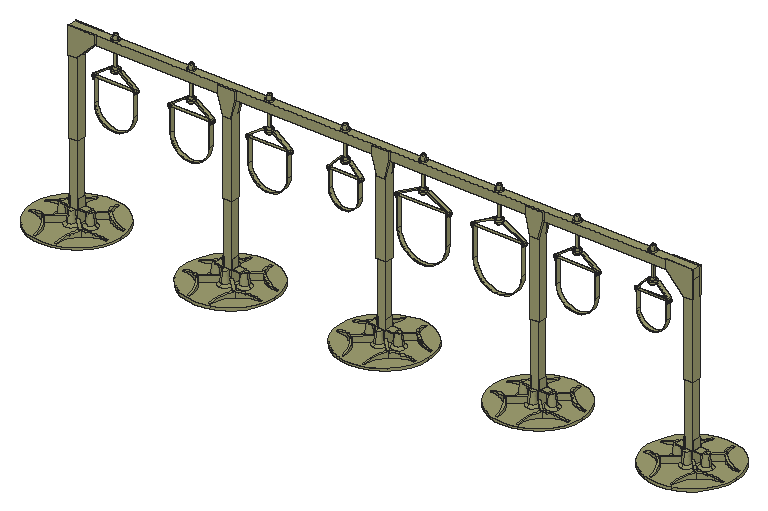
Revit family "Roof_PipeHangers_Custom-4Section", category Generic Models, Revit 2013 (continued)
Definition of nested family "Support_ClevisHanger"
  Parameters
    Engineering Data = "http://www.phpsd.com/engineering_tables.htm"
    Drawn By = "Robert S. Weygant, CSI, CDT, SCIP"
    Description = "Rooftop Equipment as Specified in 21 05 29"
    Default Elevation = 1219.2 mm
    Copyright = "2010, ARCAT, Inc"
    Construction Details = "http://www.arcat.com/details/portpipe/portpipe.html?coid=38679"
    Assembly Code = "D3090700"
  Reference planes
    plane 1 "Center (Front/Back)": y = 0
    plane 2 "Bottom": z = 0
    plane 3 "Center (Left/Right)": x = 0
    plane 4: z = -156.275
    plane 5: x = -92.075
    plane 6: x = 92.075
    plane 7: z = -266.765
  Forms (mm)
    Extrusion 1, solid, material <- "Material"
      sketch origin (0, 0, 0) x (1, 0, 0) y (0, 0, 1)
        loop
          line (-100.68, -145.542) -> (-100.68, -166.607) -> (-95.945, -166.607) -> (-95.945, -147.907) -> (-26.673, -94.712) -> (26.673, -94.712) -> (95.945, -147.907) -> (95.945, -166.607) -> (100.68, -166.607) -> (100.68, -145.542) -> (28.396, -89.976) -> (-28.396, -89.976) -> (-100.68, -145.542)
      from 9.525 to -9.525
    Extrusion 2, solid, material <- "Material"
      sketch origin (0, 0, 0) x (1, 0, 0) y (0, 0, 1)
        loop
          line (-92.075, -149.117) -> (-95.089, -149.117) -> (-95.089, -266.765)
          arc (-95.089, -266.765) -> (0, -361.853) -> (95.089, -266.765) r 95.089
          line (95.089, -266.765) -> (95.089, -149.117) -> (92.075, -149.117) -> (92.075, -266.765)
          arc (92.075, -266.765) -> (0, -358.84) -> (-92.075, -266.765) r 92.075
          line (-92.075, -266.765) -> (-92.075, -149.117)
      from 9.525 to -9.525
    Revolve 3, solid, material <- "Material"
      sketch origin (0, 0, -138.624) x (1, 0, 0) y (0, 0, 1)
        loop
          line (6.35, 48.647) -> (19.265, 48.647) -> (19.265, 51.876) -> (9.579, 51.876) -> (9.579, 61.778) -> (6.35, 61.778) -> (6.35, 187.271) -> (19.265, 187.271) -> (19.265, 190.5) -> (9.579, 190.5) -> (9.579, 209.873) -> (6.35, 209.873) -> (6.35, 215.469) -> (0, 215.469) -> (0, 30.781) -> (9.579, 30.781) -> (9.579, 40.683) -> (19.265, 40.683) -> (19.265, 43.912) -> (6.35, 43.912) -> (6.35, 48.647)
        axis (0, 30.781) -> (0, 215.469)
      angle from 0 to 360
    Revolve 4, solid, material <- "Material"
      sketch origin (0, 0, -138.624) x (1, 0, 0) y (0, 0, 1)
        loop
          line (100.895, -22.413) -> (100.895, -24.795) -> (108.214, -24.795) -> (108.214, -22.413) -> (109.936, -22.413) -> (109.936, -17.651) -> (-109.936, -17.651) -> (-109.936, -22.413) -> (-108.214, -22.413) -> (-108.214, -24.795) -> (-100.895, -24.795) -> (-100.895, -22.413) -> (100.895, -22.413)
        axis (-109.936, -17.651) -> (109.936, -17.651)
      angle from 0 to 360
  Dimensions and locks
    equal spacing: plane 5, plane 3 "Center (Left/Right)", plane 6
    "Unit Width": plane 5 to plane 6
    "ht": plane 4 to plane 7
    aligned and locked: plane 7 to Extrusion 2 sketch curve  (x2)
  Automatic sketch dimensions
    plane 5 to Extrusion 1 sketch curve = 3.87 mm
    plane 6 to Extrusion 1 sketch curve = 3.87 mm
    plane 5 to Extrusion 1 sketch curve = 8.605 mm
    Extrusion 1 sketch curve to plane 3 "Center (Left/Right)" = 28.396 mm
    Extrusion 1 sketch curve to Extrusion 1 sketch curve = 1.722 mm  (x2)
    plane 3 "Center (Left/Right)" to Extrusion 1 sketch curve = 26.673 mm
    plane 6 to Extrusion 1 sketch curve = 8.605 mm
    Extrusion 1 sketch curve to plane 4 = 10.332 mm  (x2)
    plane 4 to Extrusion 1 sketch curve = 8.368 mm  (x2)
    Extrusion 1 sketch curve to Extrusion 1 sketch curve = 2.364 mm  (x2)
    plane 4 to Extrusion 1 sketch curve = 61.563 mm
    Extrusion 1 sketch curve to Extrusion 1 sketch curve = 4.736 mm
    Extrusion 2 sketch curve to Extrusion 2 sketch curve = 0 mm
    Extrusion 2 sketch curve to plane 3 "Center (Left/Right)" = 0 mm
    Extrusion 2 sketch curve to plane 5 = 0 mm
    plane 5 to Extrusion 2 sketch curve = 3.014 mm
    plane 4 to Extrusion 2 sketch curve = 7.157 mm  (x2)
    Revolve 3 sketch curve to plane 3 "Center (Left/Right)" = 0 mm  (x2)
    plane 3 "Center (Left/Right)" to Revolve 3 sketch curve = 6.35 mm  (x3)
    Revolve 3 sketch curve to Revolve 3 sketch curve = 3.229 mm  (x6)
    Revolve 3 sketch curve to Revolve 3 sketch curve = 9.686 mm  (x2)
    Revolve 3 sketch curve to Revolve 3 sketch curve = 0 mm
    plane 4 to Revolve 3 sketch curve = 48.432 mm
    Revolve 3 sketch curve to Revolve 3 sketch curve = 9.902 mm  (x2)
    Revolve 3 sketch curve to Revolve 3 sketch curve = 0.894 mm
    Revolve 3 sketch curve to Revolve 3 sketch curve = 4.736 mm
    Revolve 3 sketch curve to Revolve 3 sketch curve = 30.599 mm
    level to Revolve 3 sketch curve = 48.647 mm
    Revolve 3 sketch curve to Revolve 3 sketch curve = 19.373 mm
    Revolve 3 sketch curve to Revolve 3 sketch curve = 5.597 mm
    Revolve 4 sketch curve to plane 4 = 0 mm  (x2)
    Revolve 4 sketch curve to plane 4 = 4.762 mm
    plane 5 to Revolve 4 sketch curve = 17.861 mm
    Revolve 4 sketch curve to Revolve 4 sketch curve = 1.722 mm  (x2)
    plane 5 to Revolve 4 sketch curve = 8.82 mm
    Revolve 4 sketch curve to plane 5 = 13.103 mm
    Revolve 4 sketch curve to plane 3 "Center (Left/Right)" = 27.687 mm
    plane 6 to Revolve 4 sketch curve = 8.82 mm
    Revolve 4 sketch curve to Revolve 4 sketch curve = 7.319 mm
    Revolve 4 sketch curve to plane 4 = 7.144 mm  (x2)
    Revolve 4 sketch curve to Revolve 4 sketch curve = 2.381 mm  (x2)
Definition of nested family "Support_PSE_Custom_Center"
  Parameters
    offset [instance] = 0 mm
    Warranty Duration (Years) = 0
    Unit Width [instance] = 914.4 mm
    Unit Height = 127 mm
    Unit Depth = 377.825 mm
    URL = "http://www.phpsd.com/"
    Test Data = "http://www.phpsd.com/test_data.htm"
    Specification = "http://www.arcat.com/sd/clients/portpipe.html?coid=38679"
    Send Message = "http://www.arcat.com/users.pl?action=UserEmail&company=PHP%20Systems/Design&coid=38679&rep=108&fax=713-672-7986&mf="
    Sales Information = "http://www.phpsd.com/quote_request.htm"
    Revision = "R1_03-2010"
    Product Properties = "http://www.arcat.com/bim/bim_info.pl?fn="
    Product Data = "http://www.arcat.com/arcatcos/cos38/arc38679.html"
    Model = "As Specified in 21 05 29"
    Material [instance] = none
    Manufacturer Website = "http://www.phpsd.com/"
    Manufacturer Phone - Toll Free = "800-797-6585 "
    Manufacturer Phone = "713-672-5088 "
    Manufacturer Fax = "713-672-7986"
    Manufacturer Address = "5534 Harvey Wilson Dr., Houston, TX 77020"
    Manufacturer = "PHP Systems"
    Maintenance Schedule (Months) = 0
    Keynote = "21 05 29"
    Installation-Fabrication = "http://www.phpsd.com/help_me_decide.htm"
    Installation Phase = ""
    Green Building-LEED = "http://www.arcat.com/green/clients/leed_data_38679.html"
    Expected Lifespan (Years) = 0
    Engineering Data = "http://www.phpsd.com/engineering_tables.htm"
    Drawn By = "Robert S. Weygant, CSI, CDT, SCIP"
    Description = "Rooftop Equipment as Specified in 21 05 29"
    Default Elevation = 1219.2 mm
    Copyright = "2010, ARCAT, Inc"
    Construction Details = "http://www.arcat.com/details/portpipe/portpipe.html?coid=38679"
    Assembly Code = "D3090700"
    Adjustment Height [instance] = 622.3 mm
    AAH [instance] = if(Adjustment Height > 444.5 mm, Adjustment Height, 444.5 mm)  # 622.3 mm
  Reference planes
    plane 1 "Center (Front/Back)": y = 0
    plane 2 "Bottom": z = 0
    plane 3 "Center (Left/Right)": x = 0
    plane 4 "Top": z = 646.113
    plane 5 "Adj Base": z = 622.3
    plane 6: x = 457.2
    plane 7: z = 144.264
    plane 8: z = 51.015
    plane 9 "Front": y = -22.225
    plane 10 "Back": y = 22.225
    plane 11 "Rt": x = 480.966
    plane 12: x = -23.812
  Forms (mm)
    Extrusion 1, solid, material <- "Material"
      sketch origin (457.153, 0, 0) x (1, 0, 0) y (0, 1, 0)
        loop
          line (-477.791, 19.05) -> (-477.791, -19.05) -> (-436.516, -19.05) -> (-436.516, 19.05) -> (-477.791, 19.05)
      from 0 to 144.264
    Extrusion 2, solid, material <- "Material", detail levels medium+fine
      sketch origin (457.153, 0, 0) x (1, 0, 0) y (0, 0, 1)
        loop
          line (-477.884, 51.015) -> (-482.62, 51.015) -> (-482.62, 4.679) -> (-524.379, 4.679) -> (-524.379, 0) -> (-477.884, 0) -> (-477.884, 51.015)
        loop
          line (-436.516, 51.015) -> (-436.516, 0) -> (-390.021, 0) -> (-390.021, 4.679) -> (-431.78, 4.679) -> (-431.78, 51.015) -> (-436.516, 51.015)
      from -19.05 to 19.05
    Extrusion 3, solid, material <- "Material"
      sketch origin (244.328, -4572, 144.264) x (-1, 0, 0) y (0, -1, 0)
        loop
          line (268.14, -4594.225) -> (268.14, -4549.775) -> (220.515, -4549.775) -> (220.515, -4594.225) -> (268.14, -4594.225)
      from 0 to 478.036
    Extrusion 4, solid, material <- "Material", detail levels medium+fine
      sketch origin (457.153, -22.225, 0) x (-1, 0, 0) y (0, 0, 1)
        loop
          line (412.703, 663.575) -> (412.703, 622.3) -> (436.516, 530.225) -> (477.791, 530.225) -> (501.603, 622.3) -> (501.603, 663.575) -> (412.703, 663.575)
      from -3.175 to 0
    Extrusion 5, solid, material <- "Material", detail levels medium+fine
      sketch origin (0, 22.225, 0) x (1, 0, 0) y (0, 0, 1)
        loop
          line (44.45, 663.575) -> (-44.45, 663.575) -> (-44.45, 622.3) -> (-20.638, 530.225) -> (20.638, 530.225) -> (44.45, 622.3) -> (44.45, 663.575)
      from -3.175 to 0
  Lines and regions (mm)
    model lines, style "Pipe Supports", detail levels fine
      curve 1: circle (-0.047, 22.225, 163.314) r 6.35 normal (0, 1, 0)
      curve 2: circle (-0.047, 22.225, 457.021) r 6.35 normal (0, 1, 0)
      curve 3: circle (-0.047, 22.225, 408.07) r 6.35 normal (0, 1, 0)
      curve 4: circle (-0.047, 22.225, 359.119) r 6.35 normal (0, 1, 0)
      curve 5: circle (-0.047, 22.225, 310.168) r 6.35 normal (0, 1, 0)
      curve 6: circle (-0.047, 22.225, 261.217) r 6.35 normal (0, 1, 0)
      curve 7: circle (-0.047, 22.225, 212.265) r 6.35 normal (0, 1, 0)
      curve 8: circle (-0.047, -22.225, 163.314) r 6.35 normal (0, 1, 0)
      curve 9: circle (-0.047, -22.225, 457.021) r 6.35 normal (0, 1, 0)
      curve 10: circle (-0.047, -22.225, 408.07) r 6.35 normal (0, 1, 0)
      curve 11: circle (-0.047, -22.225, 359.119) r 6.35 normal (0, 1, 0)
      curve 12: circle (-0.047, -22.225, 310.168) r 6.35 normal (0, 1, 0)
      curve 13: circle (-0.047, -22.225, 261.217) r 6.35 normal (0, 1, 0)
      curve 14: circle (-0.047, -22.225, 212.265) r 6.35 normal (0, 1, 0)
      curve 15: circle (-23.812, 0, 163.314) r 6.35 normal (1, 0, 0)
      curve 16: circle (-23.812, 0, 457.021) r 6.35 normal (1, 0, 0)
      curve 17: circle (-23.812, 0, 408.07) r 6.35 normal (1, 0, 0)
      curve 18: circle (-23.812, 0, 359.119) r 6.35 normal (1, 0, 0)
      curve 19: circle (-23.812, 0, 310.168) r 6.35 normal (1, 0, 0)
      curve 20: circle (-23.812, 0, 261.217) r 6.35 normal (1, 0, 0)
      curve 21: circle (-23.812, 0, 212.265) r 6.35 normal (1, 0, 0)
      curve 22: circle (23.813, 0, 163.314) r 6.35 normal (1, 0, 0)
      curve 23: circle (23.813, 0, 454.809) r 6.35 normal (1, 0, 0)
      curve 24: circle (23.813, 0, 405.858) r 6.35 normal (1, 0, 0)
      curve 25: circle (23.813, 0, 356.907) r 6.35 normal (1, 0, 0)
      curve 26: circle (23.813, 0, 307.956) r 6.35 normal (1, 0, 0)
      curve 27: circle (-0.047, 22.225, 505.972) r 6.35 normal (0, 1, 0)
      curve 28: circle (-0.047, -22.225, 505.972) r 6.35 normal (0, 1, 0)
      curve 29: circle (-23.812, 0, 505.972) r 6.35 normal (1, 0, 0)
      curve 30: circle (-23.812, 0, 554.923) r 6.35 normal (1, 0, 0)
      curve 31: circle (-23.812, 0, 603.874) r 6.35 normal (1, 0, 0)
      curve 32: circle (23.813, 0, 261.217) r 6.35 normal (1, 0, 0)
      curve 33: circle (23.813, 0, 212.265) r 6.35 normal (1, 0, 0)
      curve 34: circle (23.813, 0, 505.972) r 6.35 normal (1, 0, 0)
      curve 35: circle (23.813, 0, 554.923) r 6.35 normal (1, 0, 0)
  Dimensions and locks
    "AAH": plane 5 "Adj Base" to level
    locked: plane 4 "Top" to plane 5 "Adj Base" at 23.812
    plane 3 "Center (Left/Right)" to plane 6 = 457.2 mm
    locked: plane 5 "Adj Base" to plane 7 at 478.036
    locked: plane 8 to level at 51.015
    locked: plane 7 to curve 1 at 12.7
    locked: plane 6 to plane 11 "Rt" at 23.766
    aligned and locked: plane 7 to Extrusion 1
    aligned and locked: plane 5 "Adj Base" to Extrusion 3
  Automatic sketch dimensions
    plane 12 to Extrusion 1 sketch curve = 3.175 mm
    plane 9 "Front" to Extrusion 1 sketch curve = 3.175 mm
    plane 3 "Center (Left/Right)" to Extrusion 1 sketch curve = 20.638 mm
    plane 10 "Back" to Extrusion 1 sketch curve = 3.175 mm
    Extrusion 2 sketch curve to level = 0 mm  (x2)
    Extrusion 2 sketch curve to plane 8 = 0 mm  (x2)
    Extrusion 2 sketch curve to plane 12 = 43.413 mm
    Extrusion 2 sketch curve to plane 12 = 1.654 mm
    plane 12 to Extrusion 2 sketch curve = 3.082 mm
    plane 3 "Center (Left/Right)" to Extrusion 2 sketch curve = 20.637 mm
    Extrusion 2 sketch curve to Extrusion 2 sketch curve = 4.736 mm
    Extrusion 2 sketch curve to Extrusion 2 sketch curve = 41.759 mm
    level to Extrusion 2 sketch curve = 4.679 mm  (x2)
    Extrusion 3 sketch curve to plane 10 "Back" = 0 mm
    Extrusion 3 sketch curve to plane 9 "Front" = 0 mm
    Extrusion 3 sketch curve to plane 12 = 0 mm
    plane 3 "Center (Left/Right)" to Extrusion 3 sketch curve = 23.812 mm
    curve 9 to plane 3 "Center (Left/Right)" = 0.047 mm
    curve 10 to plane 3 "Center (Left/Right)" = 0.047 mm
    curve 11 to plane 3 "Center (Left/Right)" = 0.047 mm
    curve 12 to plane 3 "Center (Left/Right)" = 0.047 mm
    curve 13 to plane 3 "Center (Left/Right)" = 0.047 mm
    curve 14 to plane 3 "Center (Left/Right)" = 0.047 mm
    curve 28 to plane 3 "Center (Left/Right)" = 0.047 mm
    curve 8 to plane 3 "Center (Left/Right)" = 0.047 mm
    plane 7 to curve 8 = 19.05 mm
    curve 8 to curve 14 = 48.951 mm
    curve 14 to curve 13 = 48.951 mm
    curve 13 to curve 12 = 48.951 mm
    curve 12 to curve 11 = 48.951 mm
    curve 11 to curve 10 = 48.951 mm
    curve 10 to curve 9 = 48.951 mm
    curve 9 to curve 28 = 48.951 mm
    curve 7 to plane 3 "Center (Left/Right)" = 0.047 mm
    plane 7 to curve 7 = 68.001 mm
    curve 2 to plane 3 "Center (Left/Right)" = 0.047 mm
    curve 3 to plane 3 "Center (Left/Right)" = 0.047 mm
    curve 4 to plane 3 "Center (Left/Right)" = 0.047 mm
    curve 5 to plane 3 "Center (Left/Right)" = 0.047 mm
    curve 6 to plane 3 "Center (Left/Right)" = 0.047 mm
    curve 27 to plane 3 "Center (Left/Right)" = 0.047 mm
    curve 1 to plane 3 "Center (Left/Right)" = 0.047 mm
    plane 7 to curve 1 = 19.05 mm
    curve 1 to curve 6 = 97.902 mm
    curve 6 to curve 5 = 48.951 mm
    curve 5 to curve 4 = 48.951 mm
    curve 4 to curve 3 = 48.951 mm
    curve 3 to curve 2 = 48.951 mm
    curve 2 to curve 27 = 48.951 mm
    Extrusion 3 to curve 22 = 22.225 mm
    Extrusion 3 to curve 23 = 22.225 mm
    Extrusion 3 to curve 24 = 22.225 mm
    Extrusion 3 to curve 25 = 22.225 mm
    Extrusion 3 to curve 26 = 22.225 mm
    Extrusion 3 to curve 32 = 22.225 mm
    Extrusion 3 to curve 33 = 22.225 mm
    Extrusion 3 to curve 34 = 22.225 mm
    Extrusion 3 to curve 35 = 22.225 mm
    Extrusion 3 to curve 35 = 67.377 mm
    curve 35 to curve 34 = 48.951 mm
    curve 34 to curve 23 = 51.163 mm
    curve 23 to curve 24 = 48.951 mm
    curve 24 to curve 25 = 48.951 mm
    curve 25 to curve 26 = 48.951 mm
    curve 26 to curve 32 = 46.739 mm
    curve 32 to curve 33 = 48.951 mm
    Extrusion 3 to curve 22 = 19.05 mm
    curve 15 to plane 1 "Center (Front/Back)" = 0 mm
    curve 16 to plane 1 "Center (Front/Back)" = 0 mm
    curve 17 to plane 1 "Center (Front/Back)" = 0 mm
    curve 18 to plane 1 "Center (Front/Back)" = 0 mm
    curve 19 to plane 1 "Center (Front/Back)" = 0 mm
    curve 20 to plane 1 "Center (Front/Back)" = 0 mm
    curve 21 to plane 1 "Center (Front/Back)" = 0 mm
    curve 29 to plane 1 "Center (Front/Back)" = 0 mm
    curve 30 to plane 1 "Center (Front/Back)" = 0 mm
    curve 31 to plane 1 "Center (Front/Back)" = 0 mm
    plane 7 to curve 15 = 19.05 mm
    curve 15 to curve 21 = 48.951 mm
    curve 21 to curve 20 = 48.951 mm
    curve 20 to curve 19 = 48.951 mm
    curve 19 to curve 18 = 48.951 mm
    curve 18 to curve 17 = 48.951 mm
    curve 17 to curve 16 = 48.951 mm
    curve 16 to curve 29 = 48.951 mm
    curve 29 to curve 30 = 48.951 mm
    curve 31 to plane 5 "Adj Base" = 18.426 mm
    Extrusion 4 sketch curve to plane 5 "Adj Base" = 0 mm  (x2)
    Extrusion 4 sketch curve to plane 12 = 20.637 mm
    plane 12 to Extrusion 4 sketch curve = 3.175 mm
    plane 3 "Center (Left/Right)" to Extrusion 4 sketch curve = 20.638 mm
    plane 4 "Top" to Extrusion 4 sketch curve = 17.462 mm
    plane 3 "Center (Left/Right)" to Extrusion 4 sketch curve = 44.45 mm
    Extrusion 4 sketch curve to plane 5 "Adj Base" = 92.075 mm
    Extrusion 5 sketch curve to plane 5 "Adj Base" = 0 mm  (x2)
    Extrusion 5 sketch curve to plane 12 = 20.637 mm
    plane 12 to Extrusion 5 sketch curve = 3.175 mm
    plane 3 "Center (Left/Right)" to Extrusion 5 sketch curve = 20.638 mm
    plane 4 "Top" to Extrusion 5 sketch curve = 17.462 mm
    plane 3 "Center (Left/Right)" to Extrusion 5 sketch curve = 44.45 mm
    Extrusion 5 sketch curve to plane 5 "Adj Base" = 92.075 mm
    radius of curve 8 = 6.35 mm
    radius of curve 9 = 6.35 mm
    radius of curve 10 = 6.35 mm
    radius of curve 11 = 6.35 mm
    radius of curve 12 = 6.35 mm
    radius of curve 13 = 6.35 mm
    radius of curve 14 = 6.35 mm
    radius of curve 28 = 6.35 mm
    radius of curve 7 = 6.35 mm
    radius of curve 1 = 6.35 mm
    radius of curve 2 = 6.35 mm
    radius of curve 3 = 6.35 mm
    radius of curve 4 = 6.35 mm
    radius of curve 5 = 6.35 mm
    radius of curve 6 = 6.35 mm
    radius of curve 27 = 6.35 mm
    radius of curve 22 = 6.35 mm
    radius of curve 23 = 6.35 mm
    radius of curve 24 = 6.35 mm
    radius of curve 25 = 6.35 mm
    radius of curve 26 = 6.35 mm
    radius of curve 32 = 6.35 mm
    radius of curve 33 = 6.35 mm
    radius of curve 34 = 6.35 mm
    radius of curve 35 = 6.35 mm
    radius of curve 15 = 6.35 mm
    radius of curve 16 = 6.35 mm
    radius of curve 17 = 6.35 mm
    radius of curve 18 = 6.35 mm
    radius of curve 19 = 6.35 mm
    radius of curve 20 = 6.35 mm
    radius of curve 21 = 6.35 mm
    radius of curve 29 = 6.35 mm
    radius of curve 30 = 6.35 mm
    radius of curve 31 = 6.35 mm
